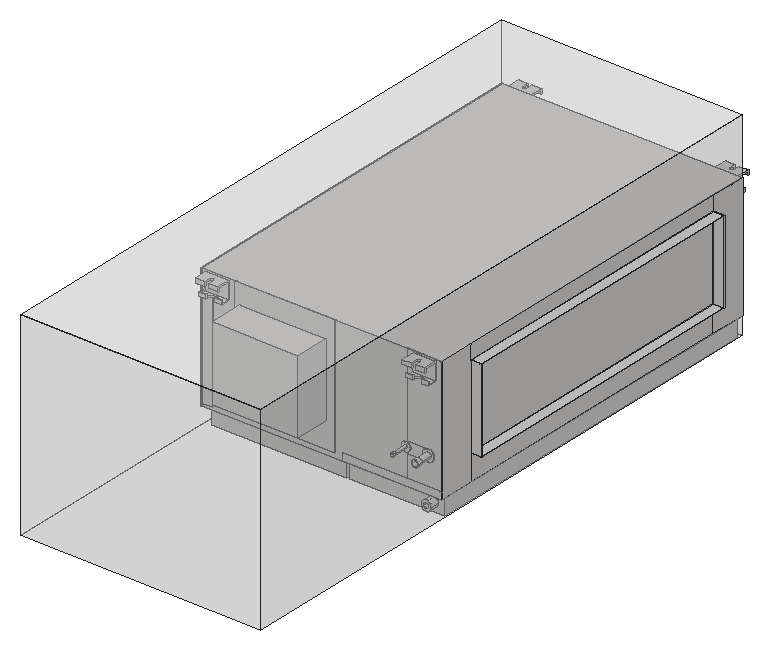
Revit family "outputfile", category 機械設備, Revit 2024
Family settings
  丸型コネクタ寸法 = 半径を使用
  パーツ タイプ = 標準
  OmniClass 番号 = 23.75.10.24.21.27.27
  OmniClass タイトル = Split System Air Conditioning Units
  作業面ベース = いいえ
  常に垂直 = はい
  ロード時にボイドで切り取り = いいえ
  注釈の向きを維持 = いいえ
  共有 = いいえ
  部屋計算ポイント = はい
Parameters (values of type "FDR200QY14")
  Description = ""
  書き出し IFC クラス(タイプ) = "IfcUnitaryEquipmentType"
  定義済み IFC タイプ(タイプ) = "AIRCONDITIONINGUNIT"
  Cost = 0
  Type Comments = ""
  Keynote = ""
  Type Image = (empty or 0)
  Assembly Code = ""
  angle_Drain Pipe [instance] = if(Rear Connection_drainpipe, -90.00°, 90.00°)  # 90.00°
  製造元 = "Daikin"
  モデル = "FDR200QY14"
  w2 = if(Depth = 2195.0 mm, 0.0 mm, if(Depth = 1980.0 mm, 0.0 mm, 352.0 mm))  # 352.0 mm
  w1 = if(Depth = 2195.0 mm, 0.0 mm, if(Depth = 1980.0 mm, 1.0 mm, 20.0 mm))  # 20.0 mm
  switch_frequency = yes
  r_Liquid Pipe Size = Liquid Pipe Size / 2  # 4.75 mm
  r_Gas Pipe Size = Gas Pipe Size / 2  # 9.55 mm
  r_Drain Pipe Size = Drain Pipe Size / 2  # 9.55 mm
  r_D = if(Depth = 2195.0 mm, 41.5 mm, if(Depth = 1980.0 mm, 41.5 mm, 34.5 mm))  # 34.5 mm
  lw_power = if(Depth = 2195.0 mm, Width / 2 - 249.0 mm, if(Depth = 1980.0 mm, Width / 2 - 128.0 mm, Width / 2 - 138.0 mm))  # 287.0 mm
  lw_mountinghole = if(Depth = 2195.0 mm, 100.0 mm, if(Depth = 1980.0 mm, 100.0 mm, if(Depth = 1330.0 mm, 59.0 mm, 59.0 mm)))  # 59.0 mm
  lh_SA = if(Depth = 2195.0 mm, 263.0 mm + SA Duct Size Height / 2, if(Depth = 1980.0 mm, 257.0 mm + SA Duct Size Height / 2, 156.0 mm + SA Duct Size Height / 2))  # 303.0 mm
  ld_SA = if(Depth = 2195.0 mm, 570.0 mm + SA Duct Size Width / 2, if(Depth = 1980.0 mm, 479.0 mm + SA Duct Size Width / 2, 128.0 mm + SA Duct Size Width / 2))  # 665.0 mm
  ld_RA = if(Depth = 2195.0 mm, 171.0 mm + RA Duct Size Width / 2, if(Depth = 1980.0 mm, 169.0 mm + RA Duct Size Width / 2, 128.0 mm + RA Duct Size Width / 2))  # 665.0 mm
  lh_power = if(Depth = 2195.0 mm, 490.0 mm, if(Depth = 1980.0 mm, 300.0 mm, 200.0 mm))  # 200.0 mm
  lh_RA = if(Depth = 2195.0 mm, 60.0 mm + RA Duct Size Height / 2, if(Depth = 1980.0 mm, 61.0 mm + RA Duct Size Height / 2, 156.0 mm + RA Duct Size Height / 2))  # 303.0 mm
  ld_power = if(Depth = 2195.0 mm, 75.8 mm, if(Depth = 1980.0 mm, 70.0 mm, 76.6 mm))  # 76.6 mm
  l_SA = if(Depth = 2195.0 mm, 36.0 mm, if(Depth = 1980.0 mm, 35.0 mm, 39.0 mm))  # 39.0 mm
  l_RA = if(Depth = 2195.0 mm, 36.0 mm, if(Depth = 1980.0 mm, 35.0 mm, 39.0 mm))  # 39.0 mm
  d = if(Depth = 1330.0 mm, 20.0 mm, 0.0 mm)  # 20.0 mm
  connector_voltage = Voltage_50Hz  # 400 V
  connector_powerinput = [Power Input (Cooling)]  # 8.920 kW
  connector_phase = Phase_50Hz  # 3
  Voltage_comment_50Hz = "380 - 415"
  Voltage_50Hz = 400 V
  URL = ""
  Supply Air Direction [instance] = yes
  Sound Power Level_H speed (dB) = 0
  Rear Connection_drainpipe [instance] = not(Front Connection_drainpipe)  # no
  Phase_50Hz = 3
  Minimum External Static Pressure = 0.00 Pa
  Minimum Circuit Amps_50Hz = 4.4 A
  Maximum Fuse Amps_50Hz = 16.0 A
  Maximum External Static Pressure = 98.00 Pa
  Material_Casing = DAIKIN_GalvanizedSteel_Casing_indoorunit
  lw_mountinghole_pitch = if(Depth = 2195.0 mm, 600.0 mm, if(Depth = 1980.0 mm, 600.0 mm, if(Depth = 1330.0 mm, 732.0 mm, 732.0 mm)))  # 732.0 mm
  lh_gaspipe = if(Depth = 2195.0 mm, 205.0 mm, if(Depth = 1980.0 mm, 205.0 mm, 187.0 mm))  # 187.0 mm
  lh_mountinghole = if(Depth = 2195.0 mm, 0.0 mm, if(Depth = 1980.0 mm, 0.0 mm, if(Depth = 1330.0 mm, 495.0 mm, 495.0 mm)))  # 495.0 mm
  lh_liquidpipe = if(Depth = 2195.0 mm, 285.0 mm, if(Depth = 1980.0 mm, 285.0 mm, 187.0 mm))  # 187.0 mm
  lh_drainpipe = if(Depth = 2195.0 mm, 38.0 mm, if(Depth = 1980.0 mm, 38.0 mm, 32.0 mm))  # 32.0 mm
  l_antena = Height - lh_mountinghole + 1.0 mm  # 6.0 mm
  ld_drainpipe = if(Depth = 2195.0 mm, Depth / 2 + 29.0 mm, if(Depth = 1980.0 mm, Depth / 2 + 29.0 mm, Depth / 2 + 9.0 mm))  # 674.0 mm
  ld_liquidpipe = if(Depth = 2195.0 mm, Depth / 2 + 55.0 mm, if(Depth = 1980.0 mm, Depth / 2 + 55.0 mm, Depth / 2 + 60.0 mm))  # 725.0 mm
  ld_gaspipe = if(Depth = 2195.0 mm, Depth / 2 + 55.0 mm, if(Depth = 1980.0 mm, Depth / 2 + 55.0 mm, Depth / 2 + 58.0 mm))  # 723.0 mm
  ld_mountinghole_pitch = if(Depth = 2195.0 mm, 2280.0 mm, if(Depth = 1980.0 mm, 2070.0 mm, 1386.0 mm))  # 1386.0 mm
  h*** = 0.0 mm  # constant formula
  lw_liquidpipe = if(Depth = 2195.0 mm, 83.0 mm, if(Depth = 1980.0 mm, 87.0 mm, 126.0 mm))  # 126.0 mm
  lw_gaspipe = if(Depth = 2195.0 mm, 83.0 mm, if(Depth = 1980.0 mm, 87.0 mm, 47.0 mm))  # 47.0 mm
  lw_drainpipe = if(Depth = 2195.0 mm, 43.0 mm, if(Depth = 1980.0 mm, 45.0 mm, 46.0 mm))  # 46.0 mm
  Width = 850.0 mm
  Version = "ver.1.0"
  Unit Type = "Duct"
  Unit Mass Weight = 106.00 kg
  Unit Designation [instance] = ""
  Uniclass2015Version = "Products v1.30"
  Uniclass2015Title = "Split coil room air conditioning units"
  Uniclass2015Code = "Pr_70_65_03_86"
  Total Cooling Capacity [instance] = 0.000 kW
  Sound Pressure Level_M speed (dBA) = 0
  Sound Pressure Level_L speed (dBA) = 0
  Sound Pressure Level_H speed (dBA) = 57
  Series = "Package Aircon_Fan Coil Unit"
  Sensible Cooling Capacity [instance] = 0.000 kW
  SA Duct Size Width = 1074.0 mm
  SA Duct Size Height = 294.0 mm
  Refrigerant Type = "R410A"
  RA Duct Size Width = 1074.0 mm
  RA Duct Size Height = 294.0 mm
  Power Input (Cooling) = 8.920 kW
  Option Accessory 3 [instance] = ""
  Option Accessory 2 [instance] = ""
  Option Accessory 1 [instance] = ""
  Nominal Cooling Capacity = 23.200 kW
  Minimum Airflow = 0.00 m³/h
  Median Airflow = 0.00 m³/h
  Maximum Airflow = 4680.00 m³/h
  Load Classification = HVAC
  Liquid Pipe Size = 9.5 mm
  Link_Nested Family [instance] = ""
  Front Connection_drainpipe [instance] = yes
  IfcVersion = ""
  IfcExportType = "AIRCONDITIONINGUNIT"
  IfcExportAs = "IfcUnitaryEquipmentType"
  Height = 500.0 mm
  Heat Exchanger Type = "Cross Fin Coil"
  Gas Pipe Size = 19.1 mm
  Frequency_50Hz = 50 Hz
  Fan Type = "Sirocco Fan"
  Fan Drive = "-"
  FCU Tag No. [instance] = ""
  Drain Pipe Size = 19.1 mm
  Design Supply Airflow [instance] = 0.00 m³/h
  Design Return Airflow [instance] = 0.00 m³/h
  Design External Static Pressure [instance] = 0.00 Pa
  Depth = 1330.0 mm
  既定の高さ = 0.0 mm
  Cooling Entering Wet Bulb Temperature [instance] = 0.00 °C
  Cooling Entering Dry Bulb Temperature [instance] = 0.00 °C
  Cooling Ambient Wet Bulb Temperature [instance] = 0.00 °C
  Cooling Ambient Dry Bulb Temperature [instance] = 0.00 °C
  Clearance visibility [instance] = yes
  Clearance Top = 200.0 mm
  Clearance Right = 0.0 mm
  Clearance Rear = 0.0 mm
  Clearance Left = 0.0 mm
  Clearance Front = 800.0 mm
  Clearance Bottom = 0.0 mm
  A = if(Depth = 2195.0 mm, 60.0 mm, if(Depth = 1980.0 mm, 61.0 mm, 63.0 mm))  # 63.0 mm
  300-500 = not([200/250])  # no
  200/250 = Depth = 1330.0 mm  # yes
Reference planes
  plane 1 "Center (Front/Back)": y = 0
  plane 2 "h": z = 0
  plane 3 "Center (Left/Right)": x = 0
  plane 4 "Back": y = 665
  plane 5 "Front": y = -665
  plane 6 "Left": x = -425
  plane 7 "Right": x = 425
  plane 8 "Top": z = 0
  plane 9 "Bottom": z = -500
  plane 10: y = 665
  plane 11: y = -1465
  plane 12: x = -425
  plane 13: x = 425
  plane 14: z = 200
  plane 15: z = -500
  plane 16 "ld_RA": y = 0
  plane 17 "lh_RA": z = -197
  plane 18 "ld_gaspipe": y = -723
  plane 19 "ld_drainpipe": y = -674
  plane 20 "lw_drainpipe": x = 379
  plane 21 "lw_liquidpipe": x = 299
  plane 22 "lw_gaspipe": x = 378
  plane 23 "lw_mountinghole": x = -366
  plane 24 "lw_mountinghole1": x = 366
  plane 25 "ld_mountinghole": y = -693
  plane 26 "ld_mountinghole1": y = 693
  plane 27 "lh_mountinghole": z = -5
  plane 28 "lh_SA": z = -197
  plane 29 "ld_liquidpipe": y = -725
  plane 30 "ld_power": y = -741.6
  plane 31 "ld_drainpipe1": y = 674
  plane 32 "ld_SA": y = 0
  plane 33 "A": z = -437
  plane 34: y = 645
  plane 35: y = -645
  plane 36: x = -405
  plane 37: x = 73
  plane 38: z = -468
  plane 39: z = -468
Forms (mm)
  Extrusion 1, solid, material "DAIKIN_GalvanizedSteel_Casing_indoorunit" <- "Material_Casing"
    sketch origin (0, 0, -500) x (-1, 0, 0) y (0, -1, 0)
      loop
        line (424, -665) -> (424, 665) -> (-425, 665) -> (-425, -665) -> (424, -665)
    from 500 to 63
  Extrusion 2, solid, material "DAIKIN_GalvanizedSteel_Casing_indoorunit" <- "Material_Casing"
    sketch origin (0, 0, -500) x (-1, 0, 0) y (0, -1, 0)
      loop
        line (405, -645) -> (405, 645) -> (-73, 645) -> (-73, -645) -> (405, -645)
    from 0 to 63
  Extrusion 3, solid, material "DAIKIN_GalvanizedSteel_Casing_indoorunit" <- "Material_Casing", visible <- "200/250"
    sketch origin (0, 0, 0) x (1, 0, 0) y (0, 0, 1)
      loop
        line (84.8, -437) -> (84.8, -500) -> (419.6, -500) -> (419.6, -437) -> (84.8, -437)
    from -645 to 645
  Extrusion 4, solid, material "DAIKIN_GalvanizedSteel_Casing_indoorunit" <- "Material_Casing", visible <- "Front Connection_drainpipe"
    sketch origin (73, -645, -500) x (-1, 0, 0) y (0, 0, -1)
      loop
        circle (-306, -32) r 17.25
      loop
        circle (-306, -32) r 9.55
    from 0 to 29
  Extrusion 5, solid, material "DAIKIN_GalvanizedSteel_Casing_indoorunit" <- "Material_Casing", visible <- "Rear Connection_drainpipe"
    sketch origin (-405, 645, -500) x (1, 0, 0) y (0, 0, -1)
      loop
        circle (784, -32) r 17.25
      loop
        circle (784, -32) r 9.55
    from 0 to 29
Dimensions and locks
  "Height": plane 8 "Top" to plane 9 "Bottom"
  equal spacing: plane 4 "Back", plane 1 "Center (Front/Back)", plane 5 "Front"
  "Depth": plane 4 "Back" to plane 5 "Front"
  equal spacing: plane 6 "Left", plane 3 "Center (Left/Right)", plane 7 "Right"
  "Width": plane 6 "Left" to plane 7 "Right"
  "Clearance Left": plane 12 to plane 6 "Left"
  "Clearance Right": plane 7 "Right" to plane 13
  "Clearance Rear": plane 10 to plane 4 "Back"
  "Clearance Front": plane 5 "Front" to plane 11
  "Clearance Top": plane 14 to plane 8 "Top"
  "Clearance Bottom": plane 9 "Bottom" to plane 15
  "ld_RA": plane 16 "ld_RA" to plane 5 "Front"
  "lh_RA": plane 17 "lh_RA" to plane 9 "Bottom"
  "lw_drainpipe": plane 20 "lw_drainpipe" to plane 7 "Right"
  "lw_liquidpipe": plane 21 "lw_liquidpipe" to plane 7 "Right"
  "lw_gaspipe": plane 22 "lw_gaspipe" to plane 7 "Right"
  "lw_mountinghole_pitch": plane 23 "lw_mountinghole" to plane 24 "lw_mountinghole1"
  equal spacing: plane 25 "ld_mountinghole", plane 1 "Center (Front/Back)", plane 26 "ld_mountinghole1"
  "ld_mountinghole_pitch": plane 26 "ld_mountinghole1" to plane 25 "ld_mountinghole"
  "lh_mountinghole": plane 27 "lh_mountinghole" to plane 9 "Bottom"
  "lh_SA": plane 28 "lh_SA" to plane 9 "Bottom"
  "h***": plane 8 "Top" to plane 2 "h"
  "lw_mountinghole": plane 6 "Left" to plane 23 "lw_mountinghole"
  "ld_drainpipe": plane 31 "ld_drainpipe1" to plane 1 "Center (Front/Back)"
  "ld_drainpipe": plane 1 "Center (Front/Back)" to plane 19 "ld_drainpipe"
  "ld_power": plane 5 "Front" to plane 30 "ld_power"
  "ld_liquidpipe": plane 29 "ld_liquidpipe" to plane 1 "Center (Front/Back)"
  "ld_gaspipe": plane 18 "ld_gaspipe" to plane 1 "Center (Front/Back)"
  "ld_SA": plane 32 "ld_SA" to plane 5 "Front"
  "A": plane 33 "A" to plane 9 "Bottom"
  "w1": plane 6 "Left" to plane 36
  "d": plane 4 "Back" to plane 34
  "d": plane 35 to plane 5 "Front"
  "w2": plane 37 to plane 7 "Right"
  locked: plane 6 "Left" to Extrusion 1 sketch curve at 1
  locked: Extrusion 3 sketch curve to Extrusion 3 sketch curve at 334.8
  locked: Extrusion 3 sketch curve to plane 7 "Right" at 5.4
  "lh_drainpipe": plane 38 to plane 9 "Bottom"
  "lh_drainpipe": plane 39 to plane 9 "Bottom"
  "r_D": diameter of Extrusion 4 sketch curve
  "Drain Pipe Size": diameter of Extrusion 4 sketch curve
  "Drain Pipe Size": diameter of Extrusion 5 sketch curve
  "r_D": diameter of Extrusion 5 sketch curve
  aligned and locked: level to plane 2 "h"
  aligned and locked: nested 4 to plane 11
  aligned and locked: nested 4 to plane 12  (x2)
  aligned and locked: nested 4 to plane 13
  aligned and locked: plane 10 to nested 4
  aligned and locked: plane 14 to nested 4
  aligned and locked: plane 15 to nested 4
  aligned and locked: nested 2 to plane 21 "lw_liquidpipe"
  aligned and locked: nested 1 to plane 22 "lw_gaspipe"
  aligned and locked: nested 1 to plane 18 "ld_gaspipe"
  aligned and locked: plane 23 "lw_mountinghole" to nested 6
  aligned and locked: nested 6 to plane 26 "ld_mountinghole1"
  aligned and locked: plane 24 "lw_mountinghole1" to nested 5
  aligned and locked: nested 5 to plane 26 "ld_mountinghole1"
  aligned and locked: plane 24 "lw_mountinghole1" to nested 8
  aligned and locked: plane 25 "ld_mountinghole" to nested 8
  aligned and locked: plane 25 "ld_mountinghole" to nested 7
  aligned and locked: plane 23 "lw_mountinghole" to nested 7
  aligned and locked: nested 2 to plane 29 "ld_liquidpipe"
  aligned and locked: plane 28 "lh_SA" to nested 9
  aligned and locked: nested 3 to plane 3 "Center (Left/Right)"
  aligned and locked: plane 1 "Center (Front/Back)" to nested 3
  aligned and locked: nested 11 to plane 3 "Center (Left/Right)"
  aligned and locked: nested 11 to plane 30 "ld_power"
  aligned and locked: nested 9 to plane 6 "Left"
  aligned and locked: nested 9 to plane 32 "ld_SA"
  aligned and locked: plane 7 "Right" to nested 10
  aligned and locked: plane 16 "ld_RA" to nested 10
  aligned and locked: plane 7 "Right" to nested 12
  aligned and locked: nested 12 to plane 1 "Center (Front/Back)"
  aligned and locked: plane 1 "Center (Front/Back)" to nested 13
  aligned and locked: nested 13 to plane 6 "Left"
  aligned and locked: plane 9 "Bottom" to nested 13
  aligned and locked: Extrusion 1 sketch curve to plane 4 "Back"
  aligned and locked: plane 5 "Front" to Extrusion 1 sketch curve
  aligned and locked: Extrusion 1 sketch curve to plane 7 "Right"
  aligned and locked: Extrusion 1 to plane 8 "Top"
  aligned and locked: Extrusion 1 to plane 33 "A"
  aligned and locked: Extrusion 2 sketch curve to plane 34
  aligned and locked: plane 36 to Extrusion 2 sketch curve
  aligned and locked: plane 35 to Extrusion 2 sketch curve
  aligned and locked: Extrusion 2 sketch curve to plane 37
  aligned and locked: plane 33 "A" to Extrusion 2
  aligned and locked: Extrusion 2 to plane 9 "Bottom"
  aligned and locked: plane 25 "ld_mountinghole" to nested 14
  aligned and locked: nested 15 to plane 26 "ld_mountinghole1"
  aligned and locked: plane 23 "lw_mountinghole" to nested 14
  aligned and locked: nested 15 to plane 23 "lw_mountinghole"
  aligned and locked: plane 9 "Bottom" to nested 15
  aligned and locked: nested 14 to plane 9 "Bottom"
  aligned and locked: plane 23 "lw_mountinghole" to nested 16
  aligned and locked: plane 24 "lw_mountinghole1" to nested 17
  aligned and locked: nested 16 to plane 25 "ld_mountinghole"
  aligned and locked: nested 17 to plane 25 "ld_mountinghole"
  aligned and locked: nested 18 to plane 26 "ld_mountinghole1"
  aligned and locked: nested 19 to plane 26 "ld_mountinghole1"
  aligned and locked: nested 19 to plane 24 "lw_mountinghole1"
  aligned and locked: nested 18 to plane 23 "lw_mountinghole"
  aligned and locked: plane 27 "lh_mountinghole" to nested 18
  aligned and locked: plane 27 "lh_mountinghole" to nested 16
  aligned and locked: plane 27 "lh_mountinghole" to nested 19
  aligned and locked: plane 27 "lh_mountinghole" to nested 17
  aligned and locked: plane 8 "Top" to nested 12
  aligned and locked: Extrusion 3 sketch curve to plane 33 "A"
  aligned and locked: plane 9 "Bottom" to Extrusion 3 sketch curve
  aligned and locked: Extrusion 3 to Extrusion 2
  aligned and locked: Extrusion 2 to Extrusion 3
  aligned and locked: nested 20 to plane 5 "Front"
  aligned and locked: plane 3 "Center (Left/Right)" to nested 20
  aligned and locked: plane 9 "Bottom" to nested 20
  aligned and locked: Extrusion 4 sketch curve to plane 20 "lw_drainpipe"  (x2)
  aligned and locked: plane 38 to Extrusion 4 sketch curve  (x2)
  aligned and locked: Extrusion 4 to plane 19 "ld_drainpipe"
  aligned and locked: Extrusion 5 sketch curve to plane 20 "lw_drainpipe"  (x2)
  aligned and locked: plane 39 to Extrusion 5 sketch curve  (x2)
  aligned and locked: plane 31 "ld_drainpipe1" to Extrusion 5
  aligned and locked: plane 1 "Center (Front/Back)" to nested 21
  aligned and locked: nested 21 to plane 20 "lw_drainpipe"
Nested families
  nested 1: "daikin_connector_rotate2" at (378, 0, -313), length <- "ld_gaspipe", built-in parameter 1001364 <- "lh_gaspipe", radius <- "r_Gas Pipe Size", type "daikin_connector_rotate2"
    with radius 9.55 mm, length 723.0 mm, angle_vertical 90.00°
  nested 2: "daikin_connector_rotate2" at (299, 0, -313), length <- "ld_liquidpipe", built-in parameter 1001364 <- "lh_liquidpipe", radius <- "r_Liquid Pipe Size", type "daikin_connector_rotate2"
    with radius 4.75 mm, length 725.0 mm, angle_vertical 90.00°
  nested 3: "daikin_△_symbolicline" at (0, 0, 500) x (0, -1, 0) z (0, 0, 1), built-in parameter 1001364 <- "Height", visible <- "Supply Air Direction", type "daikin_△_symbolicline"
    with length 250.0 mm
  nested 4: "daikin_clearancespace" at (0, -400, -149.881), visible <- "Clearance visibility", show <- "Clearance visibility", Link_Nested Family <- "Link_Nested Family", type "daikin_clearancespace"
    with width 850.0 mm, show yes, height 700.0 mm, depth 2130.0 mm, Link_Nested Family ""
  nested 5: "daikin_mountinghole" at (366, 693, -500), l_antenna <- "l_antena", Link_Nested Family <- "Link_Nested Family", h_mountinghole <- "lh_mountinghole", type "daikin_mountinghole"
    with show yes, l_antenna 6.0 mm, h_mountinghole 495.0 mm, Link_Nested Family ""
  nested 6: "daikin_mountinghole" at (-366, 693, -500), l_antenna <- "l_antena", Link_Nested Family <- "Link_Nested Family", h_mountinghole <- "lh_mountinghole", type "daikin_mountinghole"
    with show yes, l_antenna 6.0 mm, h_mountinghole 495.0 mm, Link_Nested Family ""
  nested 7: "daikin_mountinghole" at (-366, -693, -500), h_mountinghole <- "lh_mountinghole", l_antenna <- "l_antena", Link_Nested Family <- "Link_Nested Family", type "daikin_mountinghole"
    with show yes, l_antenna 6.0 mm, h_mountinghole 495.0 mm, Link_Nested Family ""
  nested 8: "daikin_mountinghole" at (366, -693, -500), h_mountinghole <- "lh_mountinghole", l_antenna <- "l_antena", Link_Nested Family <- "Link_Nested Family", type "daikin_mountinghole"
    with show yes, l_antenna 6.0 mm, h_mountinghole 495.0 mm, Link_Nested Family ""
  nested 9: "daikin_connector_rotate2" at (-425, 0, -197) x (0, -1, 0) z (0, 0, 1), built-in parameter 1001364 <- "lh_SA", length <- "l_SA", type "daikin_connector_rotate2"
    with radius 10.0 mm, length 39.0 mm, angle_vertical 90.00°
  nested 10: "daikin_connector_rotate2" at (425, 0, -197) x (0, 1, 0) z (0, 0, 1), built-in parameter 1001364 <- "lh_RA", length <- "l_RA", type "daikin_connector_rotate2"
    with radius 10.0 mm, length 39.0 mm, angle_vertical 90.00°
  nested 11: "daikin_connector_rotate2" at (0, -741.6, -300) x (0, -1, 0) z (0, 0, 1), length <- "lw_power", built-in parameter 1001364 <- "lh_power", type "daikin_connector_rotate2"
    with radius 10.0 mm, length 287.0 mm, angle_vertical 90.00°
  nested 12: "daikin_RA ductflange_FDR-QY14" at (425, 0, -500) x (0, 1, 0) z (0, 0, 1), type "daikin_RA ductflange_FDR-QY14"
    with lh_RA 156.0 mm, ld_RA 128.0 mm, l_RA 39.0 mm, a 63.0 mm, RA Duct Size Width 1074.0 mm, RA Duct Size Height 294.0 mm, Depth 1330.0 mm, Height 500.0 mm, t 0.8 mm, 200/250 yes
  nested 13: "daikin_SA ductflange_FDR-QY14" at (-425, 0, -500) x (0, -1, 0) z (0, 0, 1), type "daikin_SA ductflange_FDR-QY14"
  nested 14: "daikin_anchor boltsfixture_FDR-QY14" at (-366, -693, -500), visible <- "300-500", type "daikin_anchor boltsfixture_FDR-QY14"
    with b 45.0 mm, a 61.0 mm, Width 850.0 mm, Height 500.0 mm
  nested 15: "daikin_anchor boltsfixture_FDR-QY14" at (-366, 693, -500), visible <- "300-500", type "daikin_anchor boltsfixture_FDR-QY14"
    with b 45.0 mm, a 61.0 mm, Width 850.0 mm, Height 500.0 mm
  nested 16: "daikin_hangerfixture_FDR-QY14" at (-366, -693, -5) x (0, 1, 0) z (0, 0, 1), visible <- "200/250", type "daikin_hangerfixture_FDR-QY14"
  nested 17: "daikin_hangerfixture_FDR-QY14" at (366, -693, -5) x (0, 1, 0) z (0, 0, 1), visible <- "200/250", type "daikin_hangerfixture_FDR-QY14"
  nested 18: "daikin_hangerfixture_FDR-QY14" at (-366, 693, -5) x (0, -1, 0) z (0, 0, 1), visible <- "200/250", type "daikin_hangerfixture_FDR-QY14"
  nested 19: "daikin_hangerfixture_FDR-QY14" at (366, 693, -5) x (0, -1, 0) z (0, 0, 1), visible <- "200/250", type "daikin_hangerfixture_FDR-QY14"
  nested 20: "daikin_rightpanel_FDR-QY14" at (0, -665, -500), material <- "Material_Casing", type "daikin_rightpanel_FDR-QY14"
    with material DAIKIN_GalvanizedSteel_Casing_indoorunit, 内径_gaspipe 19.1 mm, 内径_liquidpipe 9.5 mm
  nested 21: "daikin_connector_rotate2" at (379, 0, -468), built-in parameter 1001364 <- "lh_drainpipe", length <- "ld_drainpipe", radius <- "r_Drain Pipe Size", angle_vertical <- "angle_Drain Pipe", type "daikin_connector_rotate2"
    with radius 9.55 mm, length 674.0 mm, angle_vertical 90.00°
Connectors
  piping at (378, -723, -313), diameter 19.1, driven by "r_Gas Pipe Size"
    settings: on nested 1, index 4, connector inside diameter 609.6 mm, connector length 0.0 mm, flow factor 0, pipe flow 0.00 m³/h, pressure drop 0.0 Pa, fitting loss kfactor 0, connector angle 0.00°, fixture units 0, engagement length 0.0 mm, angle of deflection 0.00°, flow configuration 1, flow direction 2, fitting loss method 0, system type 29, joint type 0, gender type 0, connector reference index -1, connector utility 0, adjustable connector no, is connector primary yes, connector description "Refrigerant Gas Piping"
  piping at (299, -725, -313), diameter 9.5, driven by "r_Liquid Pipe Size"
    settings: on nested 2, index 5, connector inside diameter 609.6 mm, connector length 0.0 mm, flow factor 0, pipe flow 0.00 m³/h, pressure drop 0.0 Pa, fitting loss kfactor 0, connector angle 0.00°, fixture units 0, engagement length 0.0 mm, angle of deflection 0.00°, flow configuration 1, flow direction 1, fitting loss method 0, system type 29, joint type 0, gender type 0, connector reference index -1, connector utility 0, adjustable connector no, is connector primary no, connector description "Refrigerant Liquid Piping"
  hvac at (-464, 0, -197), driven by "SA Duct Size Height", driven by "SA Duct Size Width"
    settings: on nested 9, index 7, duct flow 0.00 m³/h, flow factor 0, pres drop 0.00 Pa, loss coef 0, conn angle 0.00°, conn width 1074.0 mm, conn height 294.0 mm, conn diameter 609.6 mm, duct sys type 1, conn prof type 1, flow config 0, flow direction 2, loss method 4, conn ref index -1, conn util no, is conn primary yes, conn desc "SA Duct"
  hvac at (464, 0, -197), driven by "RA Duct Size Height", driven by "RA Duct Size Width"
    settings: on nested 10, index 8, duct flow 0.00 m³/h, flow factor 0, pres drop 0.00 Pa, loss coef 0, conn angle 0.00°, conn width 1074.0 mm, conn height 294.0 mm, conn diameter 609.6 mm, duct sys type 2, conn prof type 1, flow config 0, flow direction 1, loss method 4, conn ref index -1, conn util no, is conn primary no, conn desc "RA Duct"
  electrical at (-287, -741.6, -300), driven by "connector_phase", driven by "Load Classification", driven by "connector_voltage", driven by "connector_powerinput"
    settings: on nested 11, index 9, voltage 400 V, apparent load 8920 VA, apparent load phase1 0 VA, apparent load phase2 0 VA, apparent load phase3 0 VA, power factor 1, load classification "HVAC", number of poles 3, system type 30, power factor state 1, is connector primary yes, connector utility no, sub classification motor no, connector description "Power Supply"
  piping at (379, -674, -468), diameter 19.1, driven by "r_Drain Pipe Size"
    settings: on nested 21, index 10, connector inside diameter 609.6 mm, connector length 0.0 mm, flow factor 0, pipe flow 0.00 m³/h, pressure drop 0.0 Pa, fitting loss kfactor 0, connector angle 0.00°, fixture units 0, engagement length 0.0 mm, angle of deflection 0.00°, flow configuration 1, flow direction 2, fitting loss method 4, system type 16, joint type 0, gender type 0, connector reference index -1, connector utility 0, adjustable connector no, is connector primary no, connector description "Condensate Drain Piping"
Definition of nested family "daikin_clearancespace"
  Parameters (values of type "daikin_clearancespace")
    Description = "daikin_clearancespace"
    width [instance] = 1823.963 mm
    show [instance] = yes
    material = none
    height [instance] = 1359.762 mm
    depth [instance] = 880.0 mm
    Default Elevation = 0.0 mm
    Link_Nested Family [instance] = ""
  Reference planes
    plane 1 "Center (Front/Back)": y = 0
    plane 2 "Center (Elevation)": z = -0.119
    plane 3 "Center (Left/Right)": x = 0
    plane 4: y = 440
    plane 5: y = -440
    plane 6 "Right": x = 911.982
    plane 7 "Left": x = -911.982
    plane 8 "Top": z = 679.762
    plane 9 "Bottom": z = -680
  Forms (mm)
    Extrusion 1, solid, material <- "material", visible <- "show"
      sketch origin (0, 0, 0) x (1, 0, 0) y (0, 1, 0)
        loop
          line (-911.982, 440) -> (-911.982, -440) -> (911.982, -440) -> (911.982, 440) -> (-911.982, 440)
      from -680 to 679.762
  Lines and regions (mm)
    symbolic lines, visible <- "show"
      curve 1: line (911.982, 440, 0) -> (-911.982, 440, 0)
      curve 2: line (-911.982, 440, 0) -> (-911.982, -440, 0)
      curve 3: line (-911.982, -440, 0) -> (911.982, -440, 0)
      curve 4: line (911.982, -440, 0) -> (911.982, 440, 0)
      curve 5: line (911.982, 0, 679.762) -> (-911.982, 0, 679.762)
      curve 6: line (911.982, 0, -680) -> (911.982, 0, 679.762)
      curve 7: line (-911.982, 0, -680) -> (911.982, 0, -680)
      curve 8: line (-911.982, 0, 679.762) -> (-911.982, 0, -680)
      curve 9: line (0, 440, 679.762) -> (0, -440, 679.762)
      curve 10: line (0, -440, 679.762) -> (0, -440, -680)
      curve 11: line (0, 440, -680) -> (0, 440, 679.762)
      curve 12: line (0, -440, -680) -> (0, 440, -680)
  Dimensions and locks
    "width": plane 7 "Left" to plane 6 "Right"
    "depth": plane 4 to plane 5
    "height": plane 8 "Top" to plane 9 "Bottom"
    equal spacing: plane 7 "Left", plane 3 "Center (Left/Right)", plane 6 "Right"
    equal spacing: plane 4, plane 1 "Center (Front/Back)", plane 5
    equal spacing: plane 8 "Top", plane 2 "Center (Elevation)", plane 9 "Bottom"
    aligned and locked: level to plane 2 "Center (Elevation)"
    aligned and locked: Extrusion 1 sketch curve to plane 4
    aligned and locked: plane 7 "Left" to Extrusion 1 sketch curve
    aligned and locked: Extrusion 1 sketch curve to plane 5
    aligned and locked: Extrusion 1 sketch curve to plane 6 "Right"
    aligned and locked: plane 8 "Top" to Extrusion 1
    aligned and locked: curve 1 to Extrusion 1
    aligned and locked: curve 2 to Extrusion 1
    aligned and locked: curve 3 to Extrusion 1
    aligned and locked: curve 4 to Extrusion 1
    aligned and locked: curve 5 to Extrusion 1
    aligned and locked: curve 6 to Extrusion 1
    aligned and locked: curve 7 to Extrusion 1
    aligned and locked: curve 8 to Extrusion 1
    aligned and locked: curve 9 to Extrusion 1
    aligned and locked: curve 10 to Extrusion 1
    aligned and locked: curve 11 to Extrusion 1
    aligned and locked: curve 12 to Extrusion 1
    aligned and locked: Extrusion 1 to plane 9 "Bottom"
Definition of nested family "daikin_RA ductflange_FDR-QY14"
  Parameters (values of type "daikin_RA ductflange_FDR-QY14")
    lh_RA = if(Depth = 2195.0 mm, 60.0 mm, if(Depth = 1980.0 mm, 61.0 mm, 156.0 mm))  # 60.0 mm
    ld_RA = if(Depth = 2195.0 mm, 171.0 mm, if(Depth = 1980.0 mm, 169.0 mm, 128.0 mm))  # 171.0 mm
    l_RA = if(Depth = 2195.0 mm, 36.0 mm, if(Depth = 1980.0 mm, 35.0 mm, 39.0 mm))  # 36.0 mm
    a = if(Depth = 2195.0 mm, 60.0 mm, if(Depth = 1980.0 mm, 61.0 mm, 63.0 mm))  # 60.0 mm
    RA Duct Size Width = if(Depth = 2195.0 mm, 1974.0 mm, if(Depth = 1980.0 mm, 1764.0 mm, 1074.0 mm))  # 1974.0 mm
    RA Duct Size Height = if(Depth = 2195.0 mm, 679.0 mm, if(Depth = 1980.0 mm, 544.0 mm, 294.0 mm))  # 679.0 mm
    Depth = 2195.0 mm
    material = none
    Height = 760.0 mm
    t = if(Depth = 1330.0 mm, 0.8 mm, 1.0 mm)  # 1.0 mm
    Default Elevation = 0.0 mm
    200/250 = Depth = 1330.0 mm  # no
  Reference planes
    plane 1 "Center (Front/Back)": y = 0
    plane 2: z = 0
    plane 3 "Center (Left/Right)": x = 0
    plane 4: x = -1097.5
    plane 5: x = 1097.5
    plane 6: z = 760
    plane 7: z = 739
    plane 8 "a": z = 60
    plane 9: x = -926.5
    plane 10: x = 1047.5
    plane 11: x = -925.5
    plane 12: x = 1046.5
    plane 13: z = 60
    plane 14: y = -36
    plane 15: y = 1
    plane 16: x = -925.5
    plane 17: x = 1046.5
  Forms (mm)
    Extrusion 1, solid, material <- "material"
      sketch origin (0, 0, 0) x (1, 0, 0) y (0, 0, 1)
        loop
          line (-1097.5, 760) -> (-1097.5, 60) -> (-925.5, 60) -> (-925.5, 760) -> (-1097.5, 760)
      from 0 to -1
    Extrusion 2, solid, material <- "material"
      sketch origin (0, 0, 0) x (1, 0, 0) y (0, 0, 1)
        loop
          line (1097.5, 760) -> (1046.5, 760) -> (1046.5, 60) -> (1097.5, 60) -> (1097.5, 760)
      from 0 to -1
    Extrusion 3, solid, material <- "material"
      sketch origin (0, 0, 0) x (1, 0, 0) y (0, 0, 1)
        loop
          line (-926.5, 739) -> (-926.5, 60) -> (-925.5, 60) -> (-925.5, 739) -> (-926.5, 739)
        loop
          line (1046.5, 739) -> (1046.5, 60) -> (1047.5, 60) -> (1047.5, 739) -> (1046.5, 739)
      from 0 to 36
    Extrusion 4, solid, material <- "material"
      sketch origin (0, 0, 0) x (0, 1, 0) y (0, 0, 1)
        loop
          line (-36, 739) -> (-36, 738) -> (1, 738) -> (1, 760) -> (0, 760) -> (0, 739) -> (-36, 739)
        loop
          line (-36, 61) -> (-36, 60) -> (1, 60) -> (1, 61) -> (-36, 61)
      from -925.5 to 1046.5
    Extrusion 5, solid, material <- "material", visible <- "200/250"
      sketch origin (0, 0, 0) x (0, 1, 0) y (0, 0, 1)
        loop
          line (0, 60) -> (0, -33) -> (1, -33) -> (1, 60) -> (0, 60)
      from -925.5 to 1046.5
  Dimensions and locks
    equal spacing: plane 5, plane 3 "Center (Left/Right)", plane 4
    "Depth": plane 5 to plane 4
    "Height": plane 6 to plane 2
    "ld_RA": plane 9 to plane 4
    "RA Duct Size Width": plane 10 to plane 9
    "a": plane 8 "a" to plane 2
    "t": plane 11 to plane 9
    "t": plane 10 to plane 12
    "lh_RA": plane 13 to plane 2
    "RA Duct Size Height": plane 7 to plane 13
    "t": Extrusion 3 sketch curve to Extrusion 3 sketch curve  (x2)
    "l_RA": plane 14 to plane 1 "Center (Front/Back)"
    "t": plane 15 to plane 1 "Center (Front/Back)"
    "t": Extrusion 4 sketch curve to Extrusion 4 sketch curve  (x2)
    "t": plane 17 to plane 10
    "t": plane 9 to plane 16
    locked: Extrusion 5 sketch curve to Extrusion 5 sketch curve at 93
    aligned and locked: level to plane 2
    aligned and locked: Extrusion 1 sketch curve to plane 6
    aligned and locked: plane 4 to Extrusion 1 sketch curve
    aligned and locked: plane 8 "a" to Extrusion 1 sketch curve
    aligned and locked: Extrusion 1 sketch curve to plane 11
    aligned and locked: Extrusion 1 to plane 1 "Center (Front/Back)"
    aligned and locked: plane 6 to Extrusion 2 sketch curve
    aligned and locked: plane 5 to Extrusion 2 sketch curve
    aligned and locked: Extrusion 2 sketch curve to plane 8 "a"
    aligned and locked: Extrusion 2 sketch curve to plane 12
    aligned and locked: Extrusion 2 to plane 1 "Center (Front/Back)"
    aligned and locked: Extrusion 3 sketch curve to plane 7  (x2)
    aligned and locked: plane 9 to Extrusion 3 sketch curve
    aligned and locked: Extrusion 3 sketch curve to plane 10
    aligned and locked: plane 13 to Extrusion 3 sketch curve  (x2)
    aligned and locked: Extrusion 3 to plane 1 "Center (Front/Back)"
    aligned and locked: Extrusion 3 to plane 14
    aligned and locked: plane 15 to Extrusion 1
    aligned and locked: plane 15 to Extrusion 2
    aligned and locked: Extrusion 4 sketch curve to plane 7
    aligned and locked: Extrusion 4 sketch curve to plane 1 "Center (Front/Back)"
    aligned and locked: Extrusion 4 sketch curve to plane 6
    aligned and locked: Extrusion 4 sketch curve to plane 15  (x2)
    aligned and locked: plane 14 to Extrusion 4 sketch curve  (x2)
    aligned and locked: plane 13 to Extrusion 4 sketch curve
    aligned and locked: Extrusion 4 to plane 16
    aligned and locked: plane 17 to Extrusion 4
    aligned and locked: Extrusion 5 sketch curve to plane 13
    aligned and locked: Extrusion 5 sketch curve to plane 1 "Center (Front/Back)"
    aligned and locked: Extrusion 5 sketch curve to plane 15
    aligned and locked: Extrusion 5 to plane 16
    aligned and locked: plane 17 to Extrusion 5
Definition of nested family "daikin_SA ductflange_FDR-QY14"
  Parameters (values of type "daikin_SA ductflange_FDR-QY14")
    lh_SA = if(Depth = 2195.0 mm, 263.0 mm, if(Depth = 1980.0 mm, 257.0 mm, 156.0 mm))  # 156.0 mm
    ld_SA = if(Depth = 2195.0 mm, 570.0 mm, if(Depth = 1980.0 mm, 479.0 mm, 128.0 mm))  # 128.0 mm
    l_SA = if(Depth = 2195.0 mm, 36.0 mm, if(Depth = 1980.0 mm, 35.0 mm, 39.0 mm))  # 39.0 mm
    a = if(Depth = 2195.0 mm, 60.0 mm, if(Depth = 1980.0 mm, 61.0 mm, 63.0 mm))  # 63.0 mm
    SA Duct Size Width = if(Depth = 2195.0 mm, 1045.0 mm, if(Depth = 1980.0 mm, 1045.0 mm, 1074.0 mm))  # 1074.0 mm
    SA Duct Size Height = if(Depth = 2195.0 mm, 347.0 mm, if(Depth = 1980.0 mm, 349.0 mm, 294.0 mm))  # 294.0 mm
    Depth = 1330.0 mm
    material = none
    Height = 500.0 mm
    t = if(Depth = 1330.0 mm, 0.8 mm, 1.0 mm)  # 0.8 mm
    Default Elevation = 0.0 mm
    450/500 = Depth = 2195.0 mm  # no
    300/400 = Depth = 1980.0 mm  # no
    200/250以外 = not(Depth = 1330.0 mm)  # no
    200/250 = or(Depth = 1330.0 mm, and(not(Depth = 1980.0 mm), not(Depth = 2195.0 mm)))  # yes
  Reference planes
    plane 1 "Center (Front/Back)": y = 0
    plane 2: z = 0
    plane 3 "Center (Left/Right)": x = 0
    plane 4: x = -665
    plane 5: x = 665
    plane 6: z = 500
    plane 7: z = 450
    plane 8 "a": z = 63
    plane 9: x = -537
    plane 10: x = 537
    plane 11: z = 156
    plane 12: y = -39
    plane 13: y = 0.8
    plane 14: x = -536.2
    plane 15: x = 536.2
  Forms (mm)
    Extrusion 1, solid, material <- "material"
      sketch origin (0, 0, 0) x (1, 0, 0) y (0, 0, 1)
        loop
          line (-537, 450) -> (-537, 156) -> (-536.2, 156) -> (-536.2, 450) -> (-537, 450)
        loop
          line (536.2, 450) -> (536.2, 156) -> (537, 156) -> (537, 450) -> (536.2, 450)
      from 0 to 39
    Extrusion 2, solid, material <- "material"
      sketch origin (0, 0, 0) x (0, 1, 0) y (0, 0, 1)
        loop
          line (-39, 450) -> (-39, 449.2) -> (0.8, 449.2) -> (0.8, 450) -> (-39, 450)
        loop
          line (-39, 156.8) -> (-39, 156) -> (0.8, 156) -> (0.8, 156.8) -> (-39, 156.8)
      from -536.2 to 536.2
    Extrusion 3, solid, material <- "material", visible <- "200/250以外"
      sketch origin (0, 0, 0) x (1, 0, 0) y (0, 0, 1)
        loop
          line (-557, 450) -> (-557, 156) -> (-537, 156) -> (-537, 450) -> (-557, 450)
        loop
          line (537, 450) -> (537, 156) -> (557, 156) -> (557, 450) -> (537, 450)
      from 0 to -0.8
    Extrusion 4, solid, material <- "material", visible <- "200/250以外"
      sketch origin (0, 0, 0) x (1, 0, 0) y (0, 0, 1)
        loop
          line (-537, 470) -> (-537, 450) -> (537, 450) -> (537, 470) -> (-537, 470)
        loop
          line (-537, 156) -> (-537, 136) -> (537, 136) -> (537, 156) -> (-537, 156)
      from 0 to -0.8
    Extrusion 5, solid, material <- "material", visible <- "200/250"
      sketch origin (0, 0, 0) x (1, 0, 0) y (0, 0, 1)
        loop
          line (-665, 500) -> (-665, 63) -> (-537, 63) -> (-537, 500) -> (-665, 500)
        loop
          line (665, 500) -> (537, 500) -> (537, 63) -> (665, 63) -> (665, 500)
      from 0 to -0.8
    Extrusion 6, solid, material <- "material", visible <- "200/250"
      sketch origin (0, 0, 0) x (1, 0, 0) y (0, 0, 1)
        loop
          line (-537, 500) -> (-537, 450) -> (537, 450) -> (537, 500) -> (-537, 500)
        loop
          line (-537, 156) -> (-537, 63) -> (537, 63) -> (537, 156) -> (-537, 156)
      from 0 to -0.8
    Extrusion 7, solid, material <- "material", visible <- "450/500"
      sketch origin (0, 0, 0) x (1, 0, 0) y (0, 0, 1)
        loop
          line (-707, 450) -> (-707, 63) -> (-557, 63) -> (-557, 450) -> (-707, 450)
        loop
          line (557, 450) -> (557, 63) -> (706, 63) -> (706, 450) -> (557, 450)
      from 0 to -0.8
    Extrusion 8, solid, material <- "material", visible <- "450/500"
      sketch origin (0, 0, 0) x (1, 0, 0) y (0, 0, 1)
        loop
          line (-557, 136) -> (-557, 63) -> (557, 63) -> (557, 136) -> (-557, 136)
        loop
          line (-708, 600) -> (-708, 450) -> (708, 450) -> (708, 600) -> (-708, 600)
      from 0 to -0.8
    Extrusion 9, solid, material <- "material", visible <- "450/500"
      sketch origin (0, 0, 0) x (1, 0, 0) y (0, 0, 1)
        loop
          line (-665, 500) -> (-708, 500) -> (-708, 63) -> (-665, 63) -> (-665, 500)
        loop
          line (708, 500) -> (665, 500) -> (665, 63) -> (708, 63) -> (708, 500)
      from 0 to -0.8
    Extrusion 10, solid, material <- "material", visible <- "300/400"
      sketch origin (0, 0, 0) x (1, 0, 0) y (0, 0, 1)
        loop
          line (-707, 500) -> (-707, 63) -> (-557, 63) -> (-557, 500) -> (-707, 500)
        loop
          line (557, 500) -> (557, 63) -> (706, 63) -> (706, 500) -> (557, 500)
      from 0 to -0.8
    Extrusion 11, solid, material <- "material", visible <- "300/400"
      sketch origin (0, 0, 0) x (1, 0, 0) y (0, 0, 1)
        loop
          line (-557, 239) -> (-557, 63) -> (557, 63) -> (557, 239) -> (-557, 239)
      from 0 to -0.8
    Extrusion 12, solid, material <- "material", visible <- "300/400"
      sketch origin (0, 0, 0) x (1, 0, 0) y (0, 0, 1)
        loop
          line (-993, 500) -> (-993, 0) -> (1016, 0) -> (1016, 500) -> (706, 500) -> (706, 63) -> (-707, 63) -> (-707, 500) -> (-993, 500)
      from 0 to -0.8
  Dimensions and locks
    equal spacing: plane 5, plane 3 "Center (Left/Right)", plane 4
    "Depth": plane 5 to plane 4
    "Height": plane 6 to plane 2
    "SA Duct Size Width": plane 10 to plane 9
    "a": plane 8 "a" to plane 2
    "lh_SA": plane 11 to plane 2
    "SA Duct Size Height": plane 7 to plane 11
    "t": Extrusion 1 sketch curve to Extrusion 1 sketch curve  (x2)
    "l_SA": plane 12 to plane 1 "Center (Front/Back)"
    "t": plane 13 to plane 1 "Center (Front/Back)"
    "t": Extrusion 2 sketch curve to Extrusion 2 sketch curve  (x2)
    "t": plane 15 to plane 10
    "t": plane 9 to plane 14
    locked: Extrusion 3 sketch curve to Extrusion 3 sketch curve at 20  (x2)
    locked: Extrusion 4 sketch curve to Extrusion 4 sketch curve at 20  (x2)
    Extrusion 5 sketch curve to Extrusion 5 sketch curve to Extrusion 5 sketch curve = 1074.0 mm, 128.0 mm
    locked: Extrusion 6 sketch curve to Extrusion 6 sketch curve at 50
    locked: Extrusion 6 sketch curve to Extrusion 6 sketch curve at 93
    locked: Extrusion 7 sketch curve to Extrusion 7 sketch curve at 150
    locked: Extrusion 7 sketch curve to Extrusion 7 sketch curve at 149
    locked: plane 9 to Extrusion 7 sketch curve at 20
    locked: Extrusion 7 sketch curve to plane 10 at 20
    locked: plane 9 to Extrusion 8 sketch curve at 20
    locked: plane 10 to Extrusion 8 sketch curve at 20
    locked: plane 11 to Extrusion 8 sketch curve at 20
    locked: Extrusion 8 sketch curve to Extrusion 8 sketch curve at 150
    locked: plane 9 to Extrusion 8 sketch curve at 171
    locked: plane 10 to Extrusion 8 sketch curve at 171
    locked: plane 9 to Extrusion 10 sketch curve at 20
    locked: Extrusion 10 sketch curve to plane 10 at 20
    locked: Extrusion 10 sketch curve to Extrusion 10 sketch curve at 150
    locked: Extrusion 10 sketch curve to Extrusion 10 sketch curve at 149
    locked: Extrusion 11 sketch curve to Extrusion 11 sketch curve at 176
    Extrusion 12 sketch curve to Extrusion 12 sketch curve = 286.0 mm
    Extrusion 12 sketch curve to Extrusion 12 sketch curve = 310.0 mm
    "ld_SA": plane 5 to plane 10
    aligned and locked: level to plane 2
    aligned and locked: Extrusion 1 sketch curve to plane 7  (x2)
    aligned and locked: plane 9 to Extrusion 1 sketch curve
    aligned and locked: Extrusion 1 sketch curve to plane 10
    aligned and locked: plane 11 to Extrusion 1 sketch curve  (x2)
    aligned and locked: Extrusion 1 to plane 1 "Center (Front/Back)"
    aligned and locked: Extrusion 1 to plane 12
    aligned and locked: Extrusion 2 sketch curve to plane 7
    aligned and locked: Extrusion 2 sketch curve to plane 13  (x2)
    aligned and locked: plane 12 to Extrusion 2 sketch curve  (x2)
    aligned and locked: plane 11 to Extrusion 2 sketch curve
    aligned and locked: Extrusion 2 to plane 14
    aligned and locked: plane 15 to Extrusion 2
    aligned and locked: Extrusion 3 sketch curve to plane 9
    aligned and locked: Extrusion 3 sketch curve to plane 7  (x2)
    aligned and locked: plane 11 to Extrusion 3 sketch curve
    aligned and locked: Extrusion 3 to plane 1 "Center (Front/Back)"
    aligned and locked: plane 13 to Extrusion 3
    aligned and locked: plane 9 to Extrusion 4 sketch curve
    aligned and locked: Extrusion 4 sketch curve to Extrusion 4 sketch curve  (x2)
    aligned and locked: Extrusion 4 sketch curve to plane 10
    aligned and locked: plane 7 to Extrusion 4 sketch curve
    aligned and locked: Extrusion 4 sketch curve to plane 11
    aligned and locked: Extrusion 4 to plane 1 "Center (Front/Back)"
    aligned and locked: plane 13 to Extrusion 4
    aligned and locked: Extrusion 5 sketch curve to plane 6
    aligned and locked: plane 4 to Extrusion 5 sketch curve
    aligned and locked: plane 8 "a" to Extrusion 5 sketch curve
    aligned and locked: Extrusion 5 sketch curve to plane 8 "a"
    aligned and locked: Extrusion 5 sketch curve to plane 10
    aligned and locked: Extrusion 5 to plane 1 "Center (Front/Back)"
    aligned and locked: plane 13 to Extrusion 5
    aligned and locked: plane 9 to Extrusion 6 sketch curve
    aligned and locked: Extrusion 6 sketch curve to Extrusion 6 sketch curve  (x2)
    aligned and locked: Extrusion 6 sketch curve to plane 10
    aligned and locked: plane 7 to Extrusion 6 sketch curve
    aligned and locked: Extrusion 6 sketch curve to plane 11
    aligned and locked: Extrusion 6 to plane 1 "Center (Front/Back)"
    aligned and locked: plane 13 to Extrusion 6
    aligned and locked: Extrusion 7 sketch curve to Extrusion 7 sketch curve  (x2)
    aligned and locked: Extrusion 7 sketch curve to plane 7
    aligned and locked: plane 8 "a" to Extrusion 7 sketch curve
    aligned and locked: Extrusion 7 to plane 1 "Center (Front/Back)"
    aligned and locked: plane 13 to Extrusion 7
    aligned and locked: plane 8 "a" to Extrusion 8 sketch curve
    aligned and locked: plane 7 to Extrusion 8 sketch curve
    aligned and locked: Extrusion 8 to plane 1 "Center (Front/Back)"
    aligned and locked: plane 13 to Extrusion 8
    aligned and locked: Extrusion 9 sketch curve to Extrusion 9 sketch curve  (x2)
    aligned and locked: plane 4 to Extrusion 9 sketch curve
    aligned and locked: Extrusion 9 sketch curve to plane 5
    aligned and locked: Extrusion 9 sketch curve to plane 6
    aligned and locked: plane 8 "a" to Extrusion 9 sketch curve
    aligned and locked: Extrusion 9 to plane 1 "Center (Front/Back)"
    aligned and locked: plane 13 to Extrusion 9
    aligned and locked: Extrusion 10 sketch curve to Extrusion 10 sketch curve  (x2)
    aligned and locked: Extrusion 10 sketch curve to plane 6
    aligned and locked: plane 8 "a" to Extrusion 10 sketch curve
    aligned and locked: Extrusion 10 to plane 1 "Center (Front/Back)"
    aligned and locked: plane 13 to Extrusion 10
    aligned and locked: plane 8 "a" to Extrusion 11 sketch curve
    aligned and locked: Extrusion 11 sketch curve to Extrusion 10
    aligned and locked: Extrusion 10 to Extrusion 11 sketch curve
    aligned and locked: Extrusion 11 to plane 1 "Center (Front/Back)"
    aligned and locked: plane 13 to Extrusion 11
    aligned and locked: plane 6 to Extrusion 12 sketch curve
    aligned and locked: Extrusion 12 sketch curve to plane 2
    aligned and locked: Extrusion 12 sketch curve to Extrusion 12 sketch curve
    aligned and locked: plane 8 "a" to Extrusion 12 sketch curve
    aligned and locked: Extrusion 12 to plane 1 "Center (Front/Back)"
    aligned and locked: plane 13 to Extrusion 12
    aligned and locked: Extrusion 8 to Extrusion 9 sketch curve
    aligned and locked: Extrusion 9 sketch curve to Extrusion 8
    aligned and locked: Extrusion 12 sketch curve to Extrusion 10  (x2)
  Automatic sketch dimensions
    Extrusion 3 sketch curve to plane 11 = 0.0 mm
    Extrusion 3 sketch curve to plane 10 = 0.0 mm
    Extrusion 5 sketch curve to plane 6 = 0.0 mm
Definition of nested family "daikin_anchor boltsfixture_FDR-QY14"
  Parameters (values of type "daikin_hangerfixture_FBA-BV2S9")
    material = none
    Default Elevation = 0.0 mm
    b = if(Height = 760.0 mm, 42.5 mm, 45.0 mm)  # 42.5 mm
    a = if(Height = 760.0 mm, 60.0 mm, 61.0 mm)  # 60.0 mm
    Width = 870.0 mm
    Height = 760.0 mm
  Reference planes
    plane 1 "Center (Front/Back)": y = 0
    plane 2: z = 0
    plane 3 "Center (Left/Right)": x = 0
    plane 4: x = -100
    plane 5: x = 770
    plane 6: x = 600
  Forms (mm)
    Extrusion 1, solid, material <- "material"
      sketch origin (0, 0, 0) x (0, 1, 0) y (0, 0, 1)
        loop
          line (-20, 2.3) -> (-20, 0) -> (42.5, 0) -> (42.5, 57.7) -> (54.5, 57.7) -> (54.5, 60) -> (40.2, 60) -> (40.2, 2.3) -> (-20, 2.3)
      from -100 to 770
    Extrusion 2, void
      sketch origin (0, 0, 0) x (1, 0, 0) y (0, 1, 0)
        loop
          circle (0, 0) r 7.5
        loop
          circle (600, 0) r 7.5
      from 0 to 3
  Cuts and joins
    Extrusion 2 cuts Extrusion 1
  Dimensions and locks
    "a": Extrusion 1 sketch curve to plane 2
    locked: Extrusion 1 sketch curve to plane 1 "Center (Front/Back)" at 20
    "b": plane 1 "Center (Front/Back)" to Extrusion 1 sketch curve
    locked: Extrusion 1 sketch curve to Extrusion 1 sketch curve at 12
    locked: Extrusion 1 sketch curve to Extrusion 1 sketch curve at 2.3  (x3)
    locked: plane 4 to plane 3 "Center (Left/Right)" at 100
    "Width": plane 4 to plane 5
    locked: plane 3 "Center (Left/Right)" to plane 6 at 600
    aligned and locked: level to plane 2
    aligned and locked: Extrusion 1 to plane 4
    aligned and locked: plane 5 to Extrusion 1
  Automatic sketch dimensions
    plane 1 "Center (Front/Back)" to Extrusion 2 sketch curve = 0.0 mm  (x2)
    Extrusion 2 sketch curve to plane 3 "Center (Left/Right)" = 0.0 mm
    Extrusion 2 sketch curve to plane 6 = 0.0 mm
    Extrusion 1 sketch curve to level = 0.0 mm
    radius of Extrusion 2 sketch curve = 7.5 mm  (x2)
Definition of nested family "daikin_hangerfixture_FDR-QY14"
  Parameters (values of type "daikin_hangerfixture_FBA-BV2S9")
    material = none
    Default Elevation = 0.0 mm
  Reference planes
    plane 1 "Center (Front/Back)": y = 0
    plane 2: z = 0
    plane 3 "Center (Left/Right)": x = 0
  Forms (mm)
    Extrusion 1, solid, material <- "material"
      sketch origin (0, 0, 0) x (1, 0, 0) y (0, 0, 1)
        loop
          line (25.2, -3.2) -> (25.2, -60.2) -> (-2.8, -60.2) -> (-2.8, -50.2) -> (-6, -50.2) -> (-6, -63.4) -> (28.4, -63.4) -> (28.4, 0) -> (-22, 0) -> (-22, -15.2) -> (-18.8, -15.2) -> (-18.8, -3.2) -> (25.2, -3.2)
      from -40 to 40
    Extrusion 2, void
      sketch origin (0, 0, 0) x (1, 0, 0) y (0, 1, 0)
        loop
          line (0, 7) -> (-22, 7) -> (-22, -7) -> (0, -7)
          arc (0, -7) -> (7, 0) -> (0, 7) r 7
      from 0 to -15.2
    Extrusion 3, void
      sketch origin (-2.2, 0, -63.4) x (1, 0, 0) y (0, 1, 0)
        loop
          arc (2.2, -16) -> (18.2, 0) -> (2.2, 16) r 16
          line (2.2, 16) -> (-19.8, 16) -> (-19.8, -16) -> (2.2, -16)
      from 0 to 13.2
  Cuts and joins
    Extrusion 2, Extrusion 3 cuts Extrusion 1
  Dimensions and locks
    locked: Extrusion 1 sketch curve to Extrusion 1 sketch curve at 3.2  (x5)
    Extrusion 1 sketch curve to Extrusion 1 sketch curve = 3.2 mm
    locked: Extrusion 1 sketch curve to Extrusion 1 sketch curve at 50.4
    locked: plane 3 "Center (Left/Right)" to Extrusion 1 sketch curve at 22
    locked: Extrusion 1 sketch curve to Extrusion 1 sketch curve at 63.4
    Extrusion 1 sketch curve to Extrusion 1 sketch curve = 34.4 mm
    locked: plane 3 "Center (Left/Right)" to Extrusion 1 sketch curve at 6
    Extrusion 2 sketch curve to plane 1 "Center (Front/Back)" to Extrusion 2 sketch curve = 7.0 mm locked, 7.0 mm locked
    Extrusion 3 sketch curve to plane 1 "Center (Front/Back)" to Extrusion 3 sketch curve = 16.0 mm locked, 16.0 mm locked
    aligned and locked: level to plane 2
    aligned and locked: Extrusion 1 sketch curve to plane 2
    aligned and locked: Extrusion 2 sketch curve to Extrusion 1
    aligned and locked: plane 1 "Center (Front/Back)" to Extrusion 2 sketch curve
    aligned and locked: plane 3 "Center (Left/Right)" to Extrusion 2 sketch curve
    aligned and locked: Extrusion 2 to cut or joined group of Extrusion 1, Extrusion 2, Extrusion 3
    aligned and locked: plane 1 "Center (Front/Back)" to Extrusion 3 sketch curve
    aligned and locked: plane 3 "Center (Left/Right)" to Extrusion 3 sketch curve
    aligned and locked: cut or joined group of Extrusion 1, Extrusion 2, Extrusion 3 to Extrusion 3 sketch curve
    aligned and locked: Extrusion 3 to Extrusion 1
  Automatic sketch dimensions
    Extrusion 1 sketch curve to Extrusion 1 sketch curve = 10.0 mm
    Extrusion 1 sketch curve to Extrusion 1 sketch curve = 12.0 mm
Definition of nested family "daikin_rightpanel_FDR-QY14"
  Parameters (values of type "frontpanel1")
    外径_gaspipe = if(depth = 2195.0 mm, 31.1 mm, if(depth = 1980.0 mm, 31.1 mm, 24.15 mm))  # 24.15 mm
    内径_gaspipe = 60.0 mm
    width = 850.0 mm
    w_control box = if(depth = 2195.0 mm, 302.0 mm, if(depth = 1980.0 mm, 302.0 mm, 302.0 mm))  # 302.0 mm
    switch_unit_450/500 = depth = 2195.0 mm  # no
    switch_unit_300/400 = depth = 1980.0 mm  # no
    switch_unit_200/250 = depth = 1330.0 mm  # yes
    material [instance] = none
    lw_liquidpipe = if(depth = 2195.0 mm, 83.0 mm, if(depth = 1980.0 mm, 87.0 mm, 126.0 mm))  # 126.0 mm
    lw_gaspipe = if(depth = 2195.0 mm, 83.0 mm, if(depth = 1980.0 mm, 87.0 mm, 47.0 mm))  # 47.0 mm
    lw_control box = if(depth = 2195.0 mm, 249.0 mm, if(depth = 1980.0 mm, 128.0 mm, 138.0 mm))  # 138.0 mm
    lh_liquidpipe = if(depth = 2195.0 mm, 285.0 mm, if(depth = 1980.0 mm, 285.0 mm, 187.0 mm))  # 187.0 mm
    lh_gaspipe = if(depth = 2195.0 mm, 205.0 mm, if(depth = 1980.0 mm, 205.0 mm, 187.0 mm))  # 187.0 mm
    lh_control box = if(depth = 2195.0 mm, 458.0 mm, if(depth = 1980.0 mm, 261.0 mm, 168.0 mm))  # 168.0 mm
    ld_liquidpipe = if(depth = 2195.0 mm, 55.0 mm, if(depth = 1980.0 mm, 55.0 mm, 60.0 mm))  # 60.0 mm
    外径_liquidpipe = if(depth = 2195.0 mm, 17.8 mm, if(depth = 1980.0 mm, 17.8 mm, 11.54 mm))  # 11.54 mm
    内径_liquidpipe = 50.0 mm
    ld_gaspipe = if(depth = 2195.0 mm, 55.0 mm, if(depth = 1980.0 mm, 55.0 mm, 58.0 mm))  # 58.0 mm
    height = 500.0 mm
    h_control box = if(depth = 2195.0 mm, 261.6 mm, if(depth = 1980.0 mm, 291.6 mm, 261.6 mm))  # 261.6 mm
    depth = 1330.0 mm
    Default Elevation = 0.0 mm
  Reference planes
    plane 1 "Center (Front/Back)": y = 0
    plane 2 "Bottom": z = 0
    plane 3 "Center (Left/Right)": x = 0
    plane 4: x = -425
    plane 5: x = 425
    plane 6: z = 500
    plane 7: x = -287
    plane 8: x = 15
    plane 9: z = 429.6
    plane 10: z = 168
    plane 11: y = -121
    plane 12 "lh_g": z = 187
    plane 13 "lh_l": z = 187
    plane 14 "lw_g": x = 378
    plane 15 "lw_l": x = 299
    plane 16: y = -60
    plane 17 "ld_g": y = -58
  Forms (mm)
    Extrusion 1, solid, material <- "material"
      sketch origin (0, 0, 0) x (1, 0, 0) y (0, 0, 1)
        loop
          line (-287, 429.6) -> (-287, 168) -> (15, 168) -> (15, 429.6) -> (-287, 429.6)
      from 0 to 121
    Extrusion 2, solid, material <- "material", visible <- "switch_unit_450/500"
      sketch origin (0, 0, 0) x (1, 0, 0) y (0, 0, 1)
        loop
          line (347, 500) -> (347, 60) -> (425, 60) -> (425, 500) -> (347, 500)
      from 0 to -1
    Extrusion 3, solid, material <- "material", visible <- "switch_unit_450/500"
      sketch origin (0, 0, 0) x (1, 0, 0) y (0, 0, 1)
        loop
          line (-425, 500) -> (-425, 150) -> (347, 150) -> (347, 500) -> (-425, 500)
      from 0 to -1
    Extrusion 4, void
      sketch origin (0, 0, 0) x (1, 0, 0) y (0, 0, 1)
        loop
          circle (299, 187) r 16
      from 0 to -1
    Extrusion 5, void
      sketch origin (0, 0, 0) x (1, 0, 0) y (0, 0, 1)
        loop
          circle (378, 187) r 25
      from 0 to -1
    Extrusion 6, solid, material <- "material", visible <- "switch_unit_200/250"
      sketch origin (0, 0, 0) x (1, 0, 0) y (0, 0, 1)
        loop
          line (425, 63) -> (425, 88) -> (77, 88) -> (77, 63) -> (425, 63)
      from 0 to -1
    Extrusion 7, solid, material <- "material", visible <- "switch_unit_200/250"
      sketch origin (0, 0, 0) x (1, 0, 0) y (0, 0, 1)
        loop
          line (-306, 500) -> (-306, 81) -> (49, 81) -> (49, 500) -> (-306, 500)
      from 0 to -1
    Extrusion 8, solid, material <- "material", visible <- "switch_unit_200/250"
      sketch origin (0, 0, 0) x (1, 0, 0) y (0, 0, 1)
        loop
          line (-425, 431.4) -> (-425, 71.4) -> (-385, 71.4) -> (-385, 431.4) -> (-425, 431.4)
      from 0 to -1
    Extrusion 9, solid, material <- "material", visible <- "switch_unit_200/250"
      sketch origin (0, 0, 0) x (1, 0, 0) y (0, 0, 1)
        loop
          line (304, 500) -> (304, 208) -> (378, 208)
          arc (378, 208) -> (399, 187) -> (378, 166) r 21
          line (378, 166) -> (304, 166) -> (304, 88) -> (425, 88) -> (425, 500) -> (304, 500)
      from 0 to -1
    Extrusion 10, solid, material <- "material", visible <- "switch_unit_300/400"
      sketch origin (0, 0, 0) x (1, 0, 0) y (0, 0, 1)
        loop
          line (343, 500) -> (343, 61) -> (425, 61) -> (425, 500) -> (343, 500)
      from 0 to -1
    Extrusion 11, solid, material <- "material", visible <- "switch_unit_300/400"
      sketch origin (0, 0, 0) x (1, 0, 0) y (0, 0, 1)
        loop
          line (-425, 500) -> (-425, 61) -> (34, 61) -> (34, 500) -> (-425, 500)
      from 0 to -1
    Extrusion 12, solid, material <- "material"
      sketch origin (0, 0, 0) x (1, 0, 0) y (0, 0, 1)
        loop
          circle (299, 187) r 25
      from 0 to 60
    Extrusion 13, solid, material <- "material"
      sketch origin (-566.731, -60, 1200) x (-1, 0, 0) y (0, 0, 1)
        loop
          circle (-865.731, -1013) r 5.77
      from 0 to 10
    Extrusion 14, solid, material <- "material"
      sketch origin (0, 0, 0) x (1, 0, 0) y (0, 0, 1)
        loop
          circle (378, 187) r 30
      from 0 to 58
    Extrusion 15, solid, material <- "material"
      sketch origin (-566.731, -58, 1200) x (-1, 0, 0) y (0, 0, 1)
        loop
          circle (-944.731, -1013) r 12.075
      from 0 to 14
    Extrusion 16, solid, material <- "material"
      sketch origin (0, 0, 0) x (1, 0, 0) y (0, 0, 1)
        loop
          circle (299, 187) r 16
        loop
          circle (378, 187) r 21
      from 0 to -1
  Cuts and joins
    Extrusion 4, Extrusion 5 cuts Extrusion 2
    Extrusion 4, Extrusion 5 cuts Extrusion 10
  Dimensions and locks
    equal spacing: plane 4, plane 3 "Center (Left/Right)", plane 5
    "width": plane 4 to plane 5
    "height": plane 6 to plane 2 "Bottom"
    "lw_control box": plane 7 to plane 4
    "w_control box": plane 8 to plane 7
    "lh_control box": plane 10 to plane 2 "Bottom"
    "h_control box": plane 9 to plane 10
    locked: plane 11 to plane 1 "Center (Front/Back)" at 121
    locked: Extrusion 2 sketch curve to Extrusion 2 sketch curve at 78
    locked: Extrusion 2 sketch curve to plane 2 "Bottom" at 60
    locked: Extrusion 3 sketch curve to Extrusion 3 sketch curve at 350
    locked: Extrusion 3 sketch curve to plane 5 at 78
    "lh_liquidpipe": plane 13 "lh_l" to plane 2 "Bottom"
    "lh_gaspipe": plane 12 "lh_g" to plane 2 "Bottom"
    "lw_gaspipe": plane 5 to plane 14 "lw_g"
    "lw_liquidpipe": plane 5 to plane 15 "lw_l"
    locked: Extrusion 6 sketch curve to plane 2 "Bottom" at 63
    locked: Extrusion 6 sketch curve to Extrusion 6 sketch curve at 25
    locked: Extrusion 6 sketch curve to Extrusion 6 sketch curve at 348
    locked: Extrusion 7 sketch curve to Extrusion 7 sketch curve at 419
    locked: plane 7 to Extrusion 7 sketch curve at 19
    locked: Extrusion 7 sketch curve to Extrusion 7 sketch curve at 355
    locked: Extrusion 8 sketch curve to Extrusion 8 sketch curve at 360
    locked: Extrusion 8 sketch curve to Extrusion 8 sketch curve at 40
    locked: Extrusion 8 sketch curve to plane 2 "Bottom" at 71.4
    locked: Extrusion 9 sketch curve to Extrusion 9 sketch curve at 412
    locked: Extrusion 9 sketch curve to Extrusion 9 sketch curve at 121
